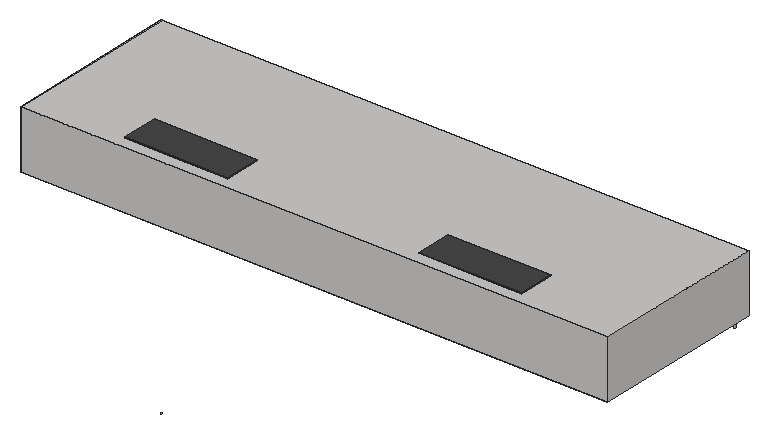
Revit family "QF_ELECTROLUXPROFESSIONAL_643327_DK1240", category Specialty Equipment, Revit 2014
Reference planes
  plane 1: z = 0
  plane 2 "Center (Left/Right)": x = 150
  plane 3 "LEFT": x = -1850
  plane 4 "RIGHT": x = 2150
  plane 5 "BACK": y = 550
  plane 6 "TOP": z = 2400
  plane 7 "Base": z = 2000
  plane 8: z = 1970
  plane 9 "DrainY": y = 450
  plane 10: x = -1847
  plane 11: y = -320
  plane 12: y = -570
  plane 13 "DrainX": x = 2137
  plane 14 "AOLeft2": x = -500
  plane 15 "AORight1": x = 800
  plane 16: x = 2147
  plane 17: x = -1650
  plane 18: x = 1950
  plane 19 "Center (Front/Back)": y = -50
  plane 20 "Front": y = -650
  plane 21: x = 50
  plane 22: x = 250
  plane 23 "AOLeft1": x = -1200
  plane 24 "AORight2": x = 1500
Forms (mm)
  Extrusion 1, solid, material "QF_Finishes_Stainless Steel"
    sketch origin (-1850, 0, 360) x (0, 1, 0) y (0, 0, 1)
      loop
        line (550, 1640) -> (550, 2040) -> (-650, 2040) -> (-650, 1640) -> (550, 1640)
    from 0 to 3
  Extrusion 2, solid, material "QF_Finishes_Stainless Steel"
    sketch origin (2150, 0, 360) x (0, 1, 0) y (0, 0, 1)
      loop
        line (550, 1640) -> (550, 2040) -> (-650, 2040) -> (-650, 1640) -> (550, 1640)
    from 0 to -3
  Extrusion 3, solid, material "QF_Finishes_Stainless Steel"
    sketch origin (150, 0, 360) x (0, 1, 0) y (0, 0, 1)
      loop
        line (-650, 2040) -> (-650, 1640) -> (-640, 1640) -> (-640, 1640.8) -> (-649.2, 1640.8) -> (-649.2, 2039.19) -> (549.2, 2039.19) -> (549.2, 1640.8) -> (540, 1640.8) -> (540, 1640) -> (550, 1640) -> (550, 2040) -> (-650, 2040)
    from -2000 to 2000
  Extrusion 4, solid, material "QF_Finishes_Stainless Steel"
    sketch origin (0, 0, 2000) x (0, 1, 0) y (-1, 0, 0)
      loop
        circle (450, -2137) r 4.763
    from -30 to 0
  Extrusion 5, solid, material "QF_Finishes_Black"
    sketch origin (0, 0, 2400) x (0, 1, 0) y (-1, 0, 0)
      loop
        line (-320, 500) -> (-320, 1200) -> (-570, 1200) -> (-570, 500) -> (-320, 500)
    from 5 to 0
  Extrusion 6, solid, material "QF_Finishes_Stainless Steel"
    sketch origin (0, 0, 0) x (1, 0, 0) y (0, 1, 0)
      loop
        line (-1850, 550) -> (-1850, 549) -> (-1849, 549) -> (-1849, 550) -> (-1850, 550)
    from 0 to 1
  Sweep 7, solid, material "QF_Finishes_Stainless Steel"
    path origin (0, 0, 0) x (1, 0, 0) y (0, 1, 0)
      loop
        line (2150, 550) -> (-1850, 550) -> (-1850, -650) -> (2150, -650) -> (2150, 550)
    profile origin (2150, -50, 0) x (1, 0, 0) y (0, 0, 1)
      loop
        line (-3, 2000) -> (-3, 2000.8) -> (-19, 2000.8) -> (-19, 2010) -> (-20, 2010) -> (-20, 2000) -> (-3, 2000)
  Extrusion 8, solid, material "QF_Finishes_Stainless Steel"
    sketch origin (150, 0, 0) x (0, 1, 0) y (0, 0, 1)
      loop
        line (35, 2399.19) -> (34.2, 2399.19) -> (34.2, 2329.838) -> (-320.309, 2254.485) -> (-614.003, 2066.672) -> (-614.003, 2000.8) -> (-613.203, 2000.8) -> (-613.203, 2066.234) -> (-320, 2253.732) -> (35, 2329.19) -> (35, 2399.19)
    from -1997 to 1997
  Extrusion 9, solid, material "QF_Finishes_Black"
    sketch origin (1134.605, 0, 2400) x (0, 1, 0) y (-1, 0, 0)
      loop
        line (-320, -365.395) -> (-320, 334.605) -> (-570, 334.605) -> (-570, -365.395) -> (-320, -365.395)
    from 5 to 0
Cuts and joins
  joined: Extrusion 2, Extrusion 3, Sweep 7
Lines and regions (mm)
  symbolic lines, style "SpecialityEquipment", detail levels coarse
    curve 1: line (2150, 550, 2400) -> (-1850, 550, 2400)
    curve 2: line (-1850, 550, 2400) -> (-1850, -650, 2400)
    curve 3: line (2150, -650, 2400) -> (2150, 550, 2400)
    curve 4: line (-1850, 1380.769, 0) -> (2150, -650, 0)
    curve 5: line (2150, 1380.769, 0) -> (-1850, -650, 0)
    curve 6: line (-1850, -650, 0) -> (2150, -650, 0)
    curve 7: line (-500, -320, 0) -> (-1200, -320, 0)
    curve 8: line (-500, -570, 0) -> (-500, -320, 0)
    curve 9: line (-1200, -570, 0) -> (-500, -570, 0)
    curve 10: line (-1200, -320, 0) -> (-1200, -570, 0)
    curve 11: line (800, -320, 0) -> (800, -570, 0)
    curve 12: line (1500, -320, 0) -> (800, -320, 0)
    curve 13: line (1500, -570, 0) -> (1500, -320, 0)
    curve 14: line (800, -570, 0) -> (1500, -570, 0)
Dimensions and locks
  plane 3 "LEFT" to plane 4 "RIGHT" = 4000 mm
  equal spacing: plane 3 "LEFT", plane 2 "Center (Left/Right)", plane 4 "RIGHT"
  plane 7 "Base" to plane 8 = 30 mm
  plane 5 "BACK" to plane 9 "DrainY" = 100 mm  (x2)
  plane 3 "LEFT" to plane 10 = 3 mm
  plane 13 "DrainX" to plane 4 "RIGHT" = 13 mm
  plane 16 to plane 4 "RIGHT" = 3 mm
  plane 3 "LEFT" to plane 17 = 200 mm
  plane 18 to plane 4 "RIGHT" = 200 mm
  locked: plane 14 "AOLeft2" to plane 15 "AORight1" at 1300
  equal spacing: plane 14 "AOLeft2", plane 2 "Center (Left/Right)", plane 15 "AORight1"
  locked: plane 7 "Base" to level at 2000
  locked: plane 6 "TOP" to plane 7 "Base" at 400
  plane 5 "BACK" to plane 20 "Front" = 1200 mm  (x2)
  equal spacing: plane 5 "BACK", plane 19 "Center (Front/Back)", plane 20 "Front"
  locked: plane 21 to plane 22 at 200
  equal spacing: plane 21, plane 2 "Center (Left/Right)", plane 22
  plane 12 to plane 20 "Front" = 80 mm
  locked: plane 11 to plane 12 at 250
  locked: plane 23 "AOLeft1" to plane 14 "AOLeft2" at 700
  locked: plane 15 "AORight1" to plane 24 "AORight2" at 700
  aligned and locked: level to plane 1
  aligned and locked: plane 4 "RIGHT" to Extrusion 3
  aligned and locked: Extrusion 3 to plane 3 "LEFT"
  aligned and locked: Extrusion 5 to plane 12
  aligned and locked: Extrusion 5 to plane 11
  aligned and locked: Extrusion 2 to plane 16
  aligned and locked: Extrusion 8 to plane 10
  aligned and locked: plane 16 to Extrusion 8
  aligned and locked: Extrusion 5 to plane 23 "AOLeft1"
  aligned and locked: Extrusion 5 to plane 14 "AOLeft2"
  aligned and locked: plane 24 "AORight2" to Extrusion 9
  aligned and locked: plane 15 "AORight1" to Extrusion 9
Automatic sketch dimensions
  Extrusion 1 sketch curve to plane 7 "Base" = 0 mm
  Extrusion 1 sketch curve to plane 20 "Front" = 0 mm
  Extrusion 1 sketch curve to plane 5 "BACK" = 0 mm
  Extrusion 1 sketch curve to plane 6 "TOP" = 0 mm
  Extrusion 2 sketch curve to plane 7 "Base" = 0 mm
  Extrusion 2 sketch curve to plane 20 "Front" = 0 mm
  Extrusion 2 sketch curve to plane 5 "BACK" = 0 mm
  Extrusion 2 sketch curve to plane 6 "TOP" = 0 mm
  Extrusion 3 sketch curve to plane 6 "TOP" = 0 mm
  Extrusion 3 sketch curve to plane 20 "Front" = 0 mm
  Extrusion 3 sketch curve to plane 7 "Base" = 0 mm  (x2)
  Extrusion 3 sketch curve to plane 5 "BACK" = 0 mm
  plane 20 "Front" to Extrusion 3 sketch curve = 0.8 mm
  Extrusion 3 sketch curve to Extrusion 3 sketch curve = 9.2 mm
  plane 7 "Base" to Extrusion 3 sketch curve = 0.8 mm  (x2)
  Extrusion 3 sketch curve to plane 5 "BACK" = 10 mm
  Extrusion 3 sketch curve to plane 5 "BACK" = 0.8 mm
  Extrusion 3 sketch curve to plane 6 "TOP" = 0.81 mm
  Extrusion 4 sketch curve to plane 9 "DrainY" = 0 mm
  Extrusion 4 sketch curve to plane 13 "DrainX" = 0 mm
  Extrusion 5 sketch curve to plane 12 = 0 mm
  plane 11 to Extrusion 5 sketch curve = 0 mm
  Extrusion 5 sketch curve to plane 14 "AOLeft2" = 0 mm
  Extrusion 5 sketch curve to plane 23 "AOLeft1" = 0 mm
  Extrusion 6 sketch curve to plane 3 "LEFT" = 0 mm
  Extrusion 6 sketch curve to plane 5 "BACK" = 0 mm
  plane 3 "LEFT" to Extrusion 6 sketch curve = 1 mm
  Extrusion 6 sketch curve to Extrusion 6 sketch curve = 1 mm
  Sweep 7 sketch curve to plane 3 "LEFT" = 0 mm
  Sweep 7 sketch curve to plane 4 "RIGHT" = 0 mm
  Sweep 7 sketch curve to plane 20 "Front" = 0 mm
  Sweep 7 sketch curve to plane 5 "BACK" = 0 mm
  profile plane to Sweep 7 sketch curve = 20 mm
  Sweep 7 sketch curve to Sweep 7 sketch curve = 1 mm
  profile plane to Sweep 7 sketch curve = 3 mm
  level to Sweep 7 sketch curve = 2000 mm
  Sweep 7 sketch curve to Sweep 7 sketch curve = 0.8 mm
  Sweep 7 sketch curve to Sweep 7 sketch curve = 9.2 mm
  Extrusion 9 sketch curve to plane 12 = 0 mm
  plane 11 to Extrusion 9 sketch curve = 0 mm
  Extrusion 9 sketch curve to plane 15 "AORight1" = 700 mm
  plane 22 to Extrusion 9 sketch curve = 550 mm
  curve 5 to plane 3 "LEFT" = 0 mm
  curve 4 to plane 3 "LEFT" = 0 mm
  curve 6 to plane 20 "Front" = 0 mm
  curve 5 to plane 4 "RIGHT" = 0 mm
  curve 6 to plane 4 "RIGHT" = 0 mm
  curve 2 to plane 3 "LEFT" = 0 mm
  curve 2 to plane 20 "Front" = 0 mm
  curve 3 to plane 4 "RIGHT" = 0 mm
  curve 3 to plane 20 "Front" = 0 mm
  curve 2 to plane 5 "BACK" = 0 mm
  plane 11 to curve 7 = 0 mm
  curve 7 to plane 23 "AOLeft1" = 0 mm
  curve 8 to plane 12 = 0 mm
  curve 8 to plane 14 "AOLeft2" = 0 mm
  plane 11 to curve 11 = 0 mm
  curve 11 to plane 15 "AORight1" = 0 mm
  curve 12 to plane 24 "AORight2" = 0 mm
  curve 13 to plane 12 = 0 mm
  Extrusion 8 sketch curve to plane 11 = 0 mm
  plane 11 to Extrusion 8 sketch curve = 0.309 mm
  plane 7 "Base" to Extrusion 8 sketch curve = 0.8 mm
  plane 20 "Front" to Extrusion 8 sketch curve = 36.797 mm
  Extrusion 8 sketch curve to Extrusion 8 sketch curve = 0.8 mm  (x2)
  plane 19 "Center (Front/Back)" to Extrusion 8 sketch curve = 84.2 mm
  Extrusion 8 sketch curve to Extrusion 8 sketch curve = 65.434 mm
  Extrusion 8 sketch curve to plane 6 "TOP" = 146.268 mm
  Extrusion 8 sketch curve to Extrusion 8 sketch curve = 0.752 mm
  Extrusion 8 sketch curve to plane 6 "TOP" = 70.81 mm
  Extrusion 8 sketch curve to Extrusion 8 sketch curve = 0.648 mm
  Extrusion 8 sketch curve to Extrusion 8 sketch curve = 0.438 mm
  Extrusion 8 sketch curve to plane 6 "TOP" = 0.81 mm
  radius of Extrusion 4 sketch curve = 4.763 mm
Connectors
  piping at (2137, 450, 1970), diameter 9.5
    settings: on Extrusion 4, index 1, connector inside diameter 609.6 mm, connector length 0 mm, flow factor 0, pipe flow 0.0 L/s, pressure drop 0.0 Pa, fitting loss kfactor 0, connector angle 0.00°, fixture units 0, engagement length 0 mm, angle of deflection 0.00°, flow configuration 1, flow direction 2, fitting loss method 0, system type 16, joint type 0, gender type 0, connector reference index -1, connector utility 0, adjustable connector no, is connector primary yes, connector description "Drain"
  hvac at (-850, -445, 2405)
    settings: on Extrusion 5, index 2, duct flow 0.0 L/s, flow factor 0, pres drop 0.0 Pa, loss coef 0, conn angle 0.00°, conn width 250 mm, conn height 700 mm, conn diameter 609.6 mm, duct sys type 3, conn prof type 1, flow config 1, flow direction 2, loss method 0, conn ref index -1, conn util no, is conn primary yes, conn desc "EXHAUST OUTLET"
  hvac at (1150, -445, 2405)
    settings: on Extrusion 9, index 3, duct flow 0.0 L/s, flow factor 0, pres drop 0.0 Pa, loss coef 0, conn angle 0.00°, conn width 250 mm, conn height 700 mm, conn diameter 609.6 mm, duct sys type 3, conn prof type 1, flow config 1, flow direction 2, loss method 0, conn ref index -1, conn util no, is conn primary no, conn desc "EXHAUST OUTLET"
